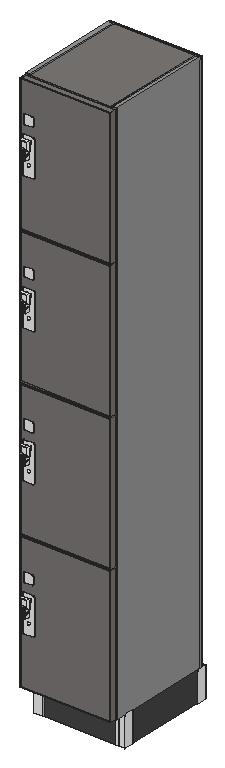
Revit family "Wood_Lockers_Hasps-Salsbury_Industries-44000_Series-1_Wide_Units.rfa", category Specialty Equipment, Revit 2016 (continued)
Definition of nested family "Wood Locker Side Panels-No Slope"
  Forms (in)
    Extrusion 2, solid, material <- "Laminate Surface", visible <- "Visible"
      sketch origin (0, -0.375, 0) x (1, 0, 0) y (0, 0, 1)
        loop
          line (-7.3125, 72) -> (-7.3125, 0) -> (7.3125, 0) -> (7.3125, 72) -> (-7.3125, 72)
      from -0.031 to 0
    Extrusion 3, solid, material <- "Laminate Surface", visible <- "Visible"
      sketch origin (0, 0, 0) x (1, 0, 0) y (0, 0, 1)
        loop
          line (-7.3125, 0) -> (7.3125, 0) -> (7.3125, 72) -> (-7.3125, 72) -> (-7.3125, 0)
        loop
          line (-7.2815, 0.031) -> (7.2815, 0.031) -> (7.2815, 71.969) -> (-7.2815, 71.969) -> (-7.2815, 0.031)
      from -0.375 to 0.344
  Dimensions and locks (in)
    equal spacing: plane 6 "Left Side", plane 3 "Center (Left/Right)", plane 7 "Right Side"
    plane 5 "Front" to plane 1 "Center (Front/Back)" to plane 4 "Back" = 0.375", 0.375"
    "Width": plane 6 "Left Side" to plane 7 "Right Side"
    "Depth": plane 5 "Front" to plane 4 "Back"
    equal spacing: plane 9 "Top", plane 10 "Center Elevation", plane 8 "Bottom"
    "Height": plane 9 "Top" to plane 8 "Bottom"
    locked: plane 5 "Front" to plane 11 "Wood - Laminate Edge" at 0.031
    locked: plane 15 "Bottom of Wood" to plane 8 "Bottom" at 0.031
    locked: plane 12 "Right Side of Wood" to plane 7 "Right Side" at 0.031
    locked: plane 6 "Left Side" to plane 13 "Left Side of Wood" at 0.031
    locked: plane 9 "Top" to plane 14 "Top of Wood" at 0.031
    aligned and locked: level to plane 2
    aligned and locked: Extrusion 2 sketch curve to plane 7 "Right Side"
    aligned and locked: plane 8 "Bottom" to Extrusion 2 sketch curve
    aligned and locked: plane 6 "Left Side" to Extrusion 2 sketch curve
    aligned and locked: plane 9 "Top" to Extrusion 2 sketch curve
    aligned and locked: Extrusion 3 to plane 4 "Back"
    aligned and locked: plane 11 "Wood - Laminate Edge" to Extrusion 3
  Automatic sketch dimensions
    plane 13 "Left Side of Wood" to Extrusion 1 sketch curve = 0.000"
    plane 12 "Right Side of Wood" to Extrusion 1 sketch curve = 0.000"
    Extrusion 1 sketch curve to plane 15 "Bottom of Wood" = 0.000"
    Extrusion 1 sketch curve to plane 14 "Top of Wood" = 0.000"
    plane 13 "Left Side of Wood" to Extrusion 3 sketch curve = 0.000"
    Extrusion 3 sketch curve to level = 0.000"
    plane 13 "Left Side of Wood" to Extrusion 3 sketch curve = 0.031"
    plane 12 "Right Side of Wood" to Extrusion 3 sketch curve = 0.000"
    plane 7 "Right Side" to Extrusion 3 sketch curve = 0.000"
    Extrusion 3 sketch curve to plane 15 "Bottom of Wood" = 0.000"
    Extrusion 3 sketch curve to plane 14 "Top of Wood" = 0.000"
    Extrusion 3 sketch curve to plane 9 "Top" = 0.000"
Definition of nested family "Wood Locker Side Panels-With Slope"
  Parameters (values of type "44334 - 6' H  for 18" D Lockers")
    Width = 17.625"
    Visible = yes
    Version = "1.0 (12/15/23)"
    Type Comments = "Side Panel for Premier Wood Lockers with Sloping Hood"
    Slope Height = 6.806"
    Model = "44334"
    Manufacturer = "Salsbury Industries"
    Laminate Surface = none
    Height = 72.062"
    Door Trim = none
    Description = "6' H for 18\" D Lockers"
    Depth = 0.750"
  Types (6): name | Width | Visible | Version | Type Comments | Slope Height | Model | Manufacturer | Height | Description
    (no name) | 17.625" | yes | "1.0 (12/15/23)" | "Side Panel for Premier Wood Lockers with Sloping Hood" | 6.806" | "44334" | "Salsbury Industries" | 72.062" | "6' H for 18\" D Lockers"
    44334 - 6' H  for 18" D Lockers | 17.625" | yes | "1.0 (12/15/23)" | "Side Panel for Premier Wood Lockers with Sloping Hood" | 6.806" | "44334" | "Salsbury Industries" | 72.062" | "6' H for 18\" D Lockers"
    44336 - 6' H for 21" D Lockers | 20.625" | yes | "1.0 (12/15/23)" | "Side Panel for Premier Wood Lockers with Sloping Hood" | 7.931" | "44336" | "Salsbury Industries" | 72.062" | "6' H for 21\" D Lockers"
    None | 14.625" | no | "" | "" | 5.681" | "" | "" | 72.062" | ""
    44339 - 6' H for 15" D Lockers | 14.625" | yes | "1.0 (12/15/23)" | "Side Panel for Premier Wood Lockers with Sloping Hood" | 5.681" | "44339" | "Salsbury Industries" | 72.062" | "6' H for 15\" D Lockers"
    44238- 6' H for 24" D Lockers | 23.625" | yes | "1.0 (12/15/23)" | "Side Panel for Premier Wood Lockers with Sloping Hood" | 8.608" | "44238" | "Salsbury Industries" | 72.153" | "6' H for 24\" D Lockers"
  Reference planes (in)
    plane 1 "Center (Front/Back)": y = 0
    plane 2: z = 0
    plane 3 "Center (Left/Right)": x = 0
    plane 4 "Back": y = 0.375
    plane 5 "Front": y = -0.375
    plane 6 "Left Side": x = -8.8125
    plane 7 "Right Side": x = 8.8125
    plane 8 "Bottom": z = 0
    plane 9 "Top": z = 72.062
    plane 10 "Center Elevation": z = 36.031
    plane 11 "Wood - Laminate Edge": y = -0.344
    plane 12 "Right Side of Wood": x = 8.7815
    plane 13 "Left Side of Wood": x = -8.7815
    plane 14 "Top of Wood": z = 71.937
    plane 15 "Bottom of Wood": z = 0.031
    plane 16: z = 78.868
    plane 17: z = 78.743
  Forms (in)
    Extrusion 1, solid, visible <- "Visible"
      sketch origin (0, 0.375, 0) x (1, 0, 0) y (0, 0, 1)
        loop
          line (-8.8125, 78.837) -> (-8.8125, 0) -> (8.7815, 0) -> (8.7815, 72.04287) -> (-8.8125, 78.837)
      from 0 to 0.719
    Extrusion 2, solid, material <- "Laminate Surface", visible <- "Visible"
      sketch origin (0, -0.375, 0) x (1, 0, 0) y (0, 0, 1)
        loop
          line (-8.8125, 0) -> (8.8125, 0) -> (8.8125, 72.062) -> (-8.8125, 78.868) -> (-8.8125, 0)
      from -0.031 to 0
    Extrusion 3, solid, material <- "Laminate Surface", visible <- "Visible"
      sketch origin (0, -0.375, 0) x (1, 0, 0) y (0, 0, 1)
        loop
          line (8.8125, 0) -> (8.8125, 72.062) -> (-8.8125, 78.868) -> (-8.8125, 78.837) -> (8.7815, 72.04287) -> (8.7815, 0) -> (8.8125, 0)
      from -0.031 to -0.75
  Dimensions and locks (in)
    equal spacing: plane 6 "Left Side", plane 3 "Center (Left/Right)", plane 7 "Right Side"
    plane 5 "Front" to plane 1 "Center (Front/Back)" to plane 4 "Back" = 0.375", 0.375"
    "Width": plane 6 "Left Side" to plane 7 "Right Side"
    "Depth": plane 5 "Front" to plane 4 "Back"
    equal spacing: plane 9 "Top", plane 10 "Center Elevation", plane 8 "Bottom"
    "Height": plane 9 "Top" to plane 8 "Bottom"
    locked: plane 5 "Front" to plane 11 "Wood - Laminate Edge" at 0.031
    locked: plane 15 "Bottom of Wood" to plane 8 "Bottom" at 0.031
    locked: plane 12 "Right Side of Wood" to plane 7 "Right Side" at 0.031
    locked: plane 6 "Left Side" to plane 13 "Left Side of Wood" at 0.031
    locked: plane 9 "Top" to plane 14 "Top of Wood" at 0.125
    "Slope Height": plane 16 to plane 9 "Top"
    locked: plane 16 to plane 17 at 0.125
    aligned and locked: level to plane 2
    aligned and locked: Extrusion 3 to plane 4 "Back"
    aligned and locked: plane 11 "Wood - Laminate Edge" to Extrusion 3
  Automatic sketch dimensions
    plane 6 "Left Side" to Extrusion 2 sketch curve = 0.000"
    plane 7 "Right Side" to Extrusion 2 sketch curve = 0.000"
    Extrusion 2 sketch curve to level = 0.000"
    Extrusion 2 sketch curve to plane 9 "Top" = 0.000"
    Extrusion 2 sketch curve to plane 16 = 0.000"
    Extrusion 1 sketch curve to level = 0.000"
    plane 6 "Left Side" to Extrusion 1 sketch curve = 0.000"
    plane 12 "Right Side of Wood" to Extrusion 1 sketch curve = 0.000"
    plane 9 "Top" to Extrusion 1 sketch curve = 0.01913"
    plane 6 "Left Side" to Extrusion 3 sketch curve = 0.000"
    plane 12 "Right Side of Wood" to Extrusion 3 sketch curve = 0.000"
    plane 7 "Right Side" to Extrusion 3 sketch curve = 0.000"
    Extrusion 3 sketch curve to level = 0.000"
    Extrusion 3 sketch curve to plane 9 "Top" = 0.000"
    Extrusion 3 sketch curve to plane 16 = 0.000"
    plane 9 "Top" to Extrusion 3 sketch curve = 0.01913"
    plane 16 to Extrusion 3 sketch curve = 0.031"
    plane 16 to Extrusion 1 sketch curve = 0.031"
Definition of nested family "Wood Locker Double Side Panels-No Slope"
  Parameters (values of type "44330DE - 6' H for 15"D Lockers")
    Width = 29.250"
    Visible = yes
    Version = "1.0 (12/15/23)"
    Type Comments = "Double End Panel for Premier Wood Lockers"
    Model = "44330DE"
    Manufacturer = "Salsbury Industries"
    Laminate Surface = none
    Height = 72.000"
    Door Trim = none
    Description = "For 6' H x 15\" D without Sloping Hood"
    Depth = 0.750"
  Types (6): name | Width | Visible | Version | Type Comments | Model | Manufacturer | Description
    (no name) | 29.250" | yes | "1.0 (12/15/23)" | "Double End Panel for Premier Wood Lockers" | "44330DE" | "Salsbury Industries" | "For 6' H x 15\" D without Sloping Hood"
    44330DE - 6' H for 15"D Lockers | 29.250" | yes | "1.0 (12/15/23)" | "Double End Panel for Premier Wood Lockers" | "44330DE" | "Salsbury Industries" | "For 6' H x 15\" D without Sloping Hood"
    44333DE - 6' H for 18" D Lockers | 35.250" | yes | "1.0 (12/15/23)" | "Double End Panel for Premier Wood Lockers" | "44333DE" | "Salsbury Industries" | "For 6' H x 18\" D without Sloping Hood"
    44335DE - 6' H for 21" D Lockers | 41.250" | yes | "1.0 (12/15/23)" | "Double End Panel for Premier Wood Lockers" | "44335DE" | "Salsbury Industries" | "For 6' H x 21\" D without Sloping Hood"
    None | 14.000" | no | "" | "" | "" | "" | ""
    44237DE - 6' H for 24" D Lockers | 47.250" | yes | "1.0 (12/15/23)" | "Double End Panel for Premier Wood Lockers" | "44237DE" | "Salsbury Industries" | "For 6' H x 21\" D without Sloping Hood"
  Reference planes (in)
    plane 1 "Center (Front/Back)": y = 0
    plane 2: z = 0
    plane 3 "Center (Left/Right)": x = 0
    plane 4 "Back": y = 0.375
    plane 5 "Front": y = -0.375
    plane 6 "Left Side": x = -14.625
    plane 7 "Right Side": x = 14.625
    plane 8 "Bottom": z = 0
    plane 9 "Top": z = 72
    plane 10 "Center Elevation": z = 36
    plane 11 "Wood - Laminate Edge": y = -0.344
    plane 12 "Right Side of Wood": x = 14.594
    plane 13 "Left Side of Wood": x = -14.594
    plane 14 "Top of Wood": z = 71.969
    plane 15 "Bottom of Wood": z = 0.031
  Forms (in)
    Extrusion 1, solid, visible <- "Visible"
      sketch origin (0, 0.375, 0) x (1, 0, 0) y (0, 0, 1)
        loop
          line (14.594, 71.969) -> (-14.594, 71.969) -> (-14.594, 0.031) -> (14.594, 0.031) -> (14.594, 71.969)
      from 0 to 0.719
    Extrusion 2, solid, material <- "Laminate Surface", visible <- "Visible"
      sketch origin (0, -0.375, 0) x (1, 0, 0) y (0, 0, 1)
        loop
          line (-14.625, 72) -> (-14.625, 0) -> (14.625, 0) -> (14.625, 72) -> (-14.625, 72)
      from -0.031 to 0
    Extrusion 3, solid, material <- "Laminate Surface", visible <- "Visible"
      sketch origin (0, 0, 0) x (1, 0, 0) y (0, 0, 1)
        loop
          line (-14.625, 0) -> (14.625, 0) -> (14.625, 72) -> (-14.625, 72) -> (-14.625, 0)
        loop
          line (14.594, 71.969) -> (-14.594, 71.969) -> (-14.594, 0.031) -> (14.594, 0.031) -> (14.594, 71.969)
      from -0.375 to 0.344
  Dimensions and locks (in)
    equal spacing: plane 6 "Left Side", plane 3 "Center (Left/Right)", plane 7 "Right Side"
    plane 5 "Front" to plane 1 "Center (Front/Back)" to plane 4 "Back" = 0.375", 0.375"
    "Width": plane 6 "Left Side" to plane 7 "Right Side"
    "Depth": plane 5 "Front" to plane 4 "Back"
    equal spacing: plane 9 "Top", plane 10 "Center Elevation", plane 8 "Bottom"
    "Height": plane 9 "Top" to plane 8 "Bottom"
    locked: plane 5 "Front" to plane 11 "Wood - Laminate Edge" at 0.031
    locked: plane 15 "Bottom of Wood" to plane 8 "Bottom" at 0.031
    plane 12 "Right Side of Wood" to plane 7 "Right Side" = 0.031"
    locked: plane 6 "Left Side" to plane 13 "Left Side of Wood" at 0.031
    locked: plane 9 "Top" to plane 14 "Top of Wood" at 0.031
    aligned and locked: level to plane 2
    aligned and locked: plane 8 "Bottom" to Extrusion 2 sketch curve
    aligned and locked: plane 6 "Left Side" to Extrusion 2 sketch curve
    aligned and locked: Extrusion 2 sketch curve to plane 7 "Right Side"
    aligned and locked: plane 9 "Top" to Extrusion 2 sketch curve
    aligned and locked: Extrusion 3 to plane 4 "Back"
    aligned and locked: plane 11 "Wood - Laminate Edge" to Extrusion 3
  Automatic sketch dimensions
    plane 13 "Left Side of Wood" to Extrusion 1 sketch curve = 0.000"
    plane 12 "Right Side of Wood" to Extrusion 1 sketch curve = 0.000"
    Extrusion 1 sketch curve to plane 15 "Bottom of Wood" = 0.000"
    Extrusion 1 sketch curve to plane 14 "Top of Wood" = 0.000"
    Extrusion 3 sketch curve to level = 0.000"
    plane 6 "Left Side" to Extrusion 3 sketch curve = 0.000"
    plane 7 "Right Side" to Extrusion 3 sketch curve = 0.000"
    Extrusion 3 sketch curve to plane 9 "Top" = 0.000"
    plane 13 "Left Side of Wood" to Extrusion 3 sketch curve = 0.000"
    Extrusion 3 sketch curve to plane 15 "Bottom of Wood" = 0.000"
    Extrusion 3 sketch curve to plane 14 "Top of Wood" = 0.000"
    plane 12 "Right Side of Wood" to Extrusion 3 sketch curve = 0.000"
Definition of nested family "Wood Locker Double Side Panels-With Slope"
  Parameters (values of type "44339DE - 6' H for 15"D Lockers")
    Width = 29.250"
    Visible = yes
    Version = "1.0 (12/15/23)"
    Type Comments = "Double End Panel for Premier Wood Lockers"
    Slope Height = 5.681"
    Model = "44339DE"
    Manufacturer = "Salsbury Industries"
    Laminate Surface = none
    Height = 72.062"
    Door Trim = none
    Description = "For 6' H x 15\" D Lockers with Sloping Hood"
    Depth = 0.750"
  Types (6): name | Width | Visible | Version | Type Comments | Slope Height | Model | Manufacturer | Height | Description
    (no name) | 29.250" | yes | "1.0 (12/15/23)" | "Double End Panel for Premier Wood Lockers" | 5.681" | "44339DE" | "Salsbury Industries" | 72.062" | "For 6' H x 15\" D Lockers with Sloping Hood"
    44339DE - 6' H for 15"D Lockers | 29.250" | yes | "1.0 (12/15/23)" | "Double End Panel for Premier Wood Lockers" | 5.681" | "44339DE" | "Salsbury Industries" | 72.062" | "For 6' H x 15\" D Lockers with Sloping Hood"
    44334DE - 6' H  for 18" D Lockers | 35.250" | yes | "1.0 (12/15/23)" | "Double End Panel for Premier Wood Lockers" | 6.806" | "44334DE" | "Salsbury Industries" | 72.062" | "For 6' H x 18\" D Lockers with Sloping Hood"
    44336DE - 6' H for 21" D Lockers | 41.250" | yes | "1.0 (12/15/23)" | "Double End Panel for Premier Wood Lockers" | 7.931" | "44336DE" | "Salsbury Industries" | 72.062" | "For 6' H x 21\" D Lockers with Sloping Hood"
    None | 14.000" | no | "" | "" | 5.500" | "" | "" | 72.000" | ""
    44238DE - 6' H for 24" D Lockers | 47.250" | yes | "1.0 (12/15/23)" | "Double End Panel for Premier Wood Lockers" | 8.895" | "442386DE" | "Salsbury Industries" | 72.153" | "For 6' H x 21\" D Lockers with Sloping Hood"
  Reference planes (in)
    plane 1 "Center (Front/Back)": y = 0
    plane 2: z = 0
    plane 3 "Center (Left/Right)": x = 0
    plane 4 "Back": y = 0.375
    plane 5 "Front": y = -0.375
    plane 6 "Left Side": x = -14.625
    plane 7 "Right Side": x = 14.625
    plane 8 "Bottom": z = 0
    plane 9 "Top": z = 72.062
    plane 10 "Center Elevation": z = 36.031
    plane 11 "Wood - Laminate Edge": y = -0.344
    plane 12 "Right Side of Wood": x = 14.594
    plane 13 "Left Side of Wood": x = -14.594
    plane 14 "Top of Wood": z = 71.937
    plane 15 "Bottom of Wood": z = 0.125
    plane 16: z = 77.743
    plane 17: z = 77.712
  Forms (in)
    Extrusion 1, solid, visible <- "Visible"
      sketch origin (0, 0.375, 0) x (1, 0, 0) y (0, 0, 1)
        loop
          line (14.594, 72.031) -> (0, 77.712) -> (-14.594, 72.031) -> (-14.594, 0) -> (14.594, 0) -> (14.594, 72.031)
      from 0 to 0.719
    Extrusion 2, solid, material <- "Laminate Surface", visible <- "Visible"
      sketch origin (0, -0.375, 0) x (1, 0, 0) y (0, 0, 1)
        loop
          line (14.625, 0) -> (14.625, 72.062) -> (0, 77.743) -> (-14.625, 72.062) -> (-14.625, 0) -> (14.625, 0)
      from -0.031 to 0
    Extrusion 3, solid, material <- "Laminate Surface", visible <- "Visible"
      sketch origin (0, 0.375, 0) x (1, 0, 0) y (0, 0, 1)
        loop
          line (14.625, 0) -> (14.625, 72.062) -> (0, 77.743) -> (-14.625, 72.062) -> (-14.625, 0) -> (-14.594, 0) -> (-14.594, 72.031) -> (0, 77.712) -> (14.594, 72.031) -> (14.594, 0) -> (14.625, 0)
      from 0 to 0.719
  Dimensions and locks (in)
    equal spacing: plane 6 "Left Side", plane 3 "Center (Left/Right)", plane 7 "Right Side"
    plane 5 "Front" to plane 1 "Center (Front/Back)" to plane 4 "Back" = 0.375", 0.375"
    "Width": plane 6 "Left Side" to plane 7 "Right Side"
    "Depth": plane 5 "Front" to plane 4 "Back"
    equal spacing: plane 9 "Top", plane 10 "Center Elevation", plane 8 "Bottom"
    "Height": plane 9 "Top" to plane 8 "Bottom"
    locked: plane 5 "Front" to plane 11 "Wood - Laminate Edge" at 0.031
    locked: plane 15 "Bottom of Wood" to plane 8 "Bottom" at 0.125
    locked: plane 12 "Right Side of Wood" to plane 7 "Right Side" at 0.031
    locked: plane 6 "Left Side" to plane 13 "Left Side of Wood" at 0.031
    locked: plane 9 "Top" to plane 14 "Top of Wood" at 0.125
    "Slope Height": plane 16 to plane 9 "Top"
    locked: plane 16 to plane 17 at 0.031
    aligned and locked: level to plane 2
    aligned and locked: Extrusion 3 to plane 4 "Back"
    aligned and locked: plane 11 "Wood - Laminate Edge" to Extrusion 3
  Automatic sketch dimensions
    plane 6 "Left Side" to Extrusion 2 sketch curve = 0.000"
    Extrusion 2 sketch curve to plane 3 "Center (Left/Right)" = 0.000"
    plane 7 "Right Side" to Extrusion 2 sketch curve = 0.000"
    Extrusion 2 sketch curve to level = 0.000"
    Extrusion 2 sketch curve to plane 9 "Top" = 0.000"  (x2)
    Extrusion 2 sketch curve to plane 16 = 0.000"
    Extrusion 1 sketch curve to level = 0.000"
    plane 13 "Left Side of Wood" to Extrusion 1 sketch curve = 0.000"
    Extrusion 1 sketch curve to plane 3 "Center (Left/Right)" = 0.000"
    plane 12 "Right Side of Wood" to Extrusion 1 sketch curve = 0.000"
    Extrusion 1 sketch curve to plane 17 = 0.000"
    plane 9 "Top" to Extrusion 1 sketch curve = 0.031"  (x2)
    Extrusion 3 sketch curve to level = 0.000"  (x2)
    plane 6 "Left Side" to Extrusion 3 sketch curve = 0.000"
    plane 13 "Left Side of Wood" to Extrusion 3 sketch curve = 0.000"
    Extrusion 3 sketch curve to plane 3 "Center (Left/Right)" = 0.000"  (x2)
    plane 12 "Right Side of Wood" to Extrusion 3 sketch curve = 0.000"
    plane 7 "Right Side" to Extrusion 3 sketch curve = 0.000"
    Extrusion 3 sketch curve to plane 9 "Top" = 0.000"  (x2)
    plane 9 "Top" to Extrusion 3 sketch curve = 0.031"  (x2)
    Extrusion 3 sketch curve to plane 17 = 0.000"
    Extrusion 3 sketch curve to plane 16 = 0.000"
Definition of nested family "Wood Locker Front Fillers"
  Parameters (values of type "44469 - 9" W for 6' H Lockers without Base")
    Width = 9.000"
    Visible Base = no
    Visible = yes
    Version = "1.0 (1/31/24)"
    Type Comments = "Front Vertical Filler for Premier Wood Lockers"
    Model = "44469"
    Manufacturer = "Salsbury Industries"
    Laminate Surface = none
    Height = 72.000"
    Description = "For 6' H Lockers"
    Depth = 0.750"
    Base Height = 0.000"
  Types (6): name | Width | Visible Base | Visible | Version | Type Comments | Model | Manufacturer | Description | Base Height
    (no name) | 9.000" | no | yes | "1.0 (1/31/24)" | "Front Vertical Filler for Premier Wood Lockers" | "44469" | "Salsbury Industries" | "For 6' H Lockers" | 0.000"
    44467 - 15"W for 6' H Lockers with Base | 15.000" | yes | yes | "1.0 (01/31/24)" | "Front Vertical Filler for Premier Wood Lockers" | "444367" | "Salsbury Industries" | "For 6' H Lockers" | 4.000"
    None | 15.000" | no | no | "" | "" | "" | "" | "" | 4.000"
    44469 - 9" W for 6' H Lockers with Base | 9.000" | yes | yes | "1.0 (01/31/24)" | "Front Vertical Filler for Premier Wood Lockers" | "44469" | "Salsbury Industries" | "For 6' H Lockers" | 4.000"
    44467 - 15" W for 6'H Lockers without Base | 15.000" | no | yes | "1.0 (01/31/24)" | "Front Vertical Filler for Premier Wood Lockers" | "44467" | "Salsbury Industries" | "For 6' H Lockers" | 0.000"
    44469 - 9" W for 6' H Lockers without Base | 9.000" | no | yes | "1.0 (1/31/24)" | "Front Vertical Filler for Premier Wood Lockers" | "44469" | "Salsbury Industries" | "For 6' H Lockers" | 0.000"
  Reference planes (in)
    plane 1 "Center (Front/Back)": y = 0
    plane 2: z = 0
    plane 3 "Center (Left/Right)": x = 0
    plane 4 "Back": y = 0.375
    plane 5 "Front": y = -0.375
    plane 6 "Left Side": x = -4.5
    plane 7 "Right Side": x = 4.5
    plane 8 "Bottom": z = 0
    plane 9 "Top": z = 72
    plane 10 "Center Elevation": z = 36
    plane 11 "Wood - Laminate Edge": y = -0.344
    plane 12 "Right Side of Wood": x = 4.375
    plane 13 "Left Side of Wood": x = -4.375
    plane 14 "Top of Wood": z = 71.875
    plane 15 "Bottom of Wood": z = 0.125
    plane 16 "Front of Base Filler": y = 1
  Forms (in)
    Extrusion 1, solid, visible <- "Visible"
      sketch origin (0, 0.375, 0) x (1, 0, 0) y (0, 0, 1)
        loop
          line (4.5, 72) -> (-4.5, 72) -> (-4.5, 0) -> (4.5, 0) -> (4.5, 72)
      from 0 to 0.719
    Extrusion 2, solid, material <- "Laminate Surface", visible <- "Visible"
      sketch origin (0, -0.375, 0) x (1, 0, 0) y (0, 0, 1)
        loop
          line (-4.5, 72) -> (-4.5, 0) -> (4.5, 0) -> (4.5, 72) -> (-4.5, 72)
      from -0.031 to 0
    Extrusion 3, solid, visible <- "Visible Base"
      sketch origin (0, 0, 0) x (1, 0, 0) y (0, 1, 0)
        loop
          line (-4.5, 1.75) -> (-4.5, 0.375) -> (4.5, 0.375) -> (4.5, 1.75) -> (-4.5, 1.75)
      from 0 to 0.75
    Extrusion 4, solid, visible <- "Visible Base"
      sketch origin (0, 0, 0) x (1, 0, 0) y (0, 1, 0)
        loop
          line (-4.5, 1.75) -> (-4.5, 1) -> (4.5, 1) -> (4.5, 1.75) -> (-4.5, 1.75)
      from 0 to -4
  Dimensions and locks (in)
    equal spacing: plane 6 "Left Side", plane 3 "Center (Left/Right)", plane 7 "Right Side"
    plane 5 "Front" to plane 1 "Center (Front/Back)" to plane 4 "Back" = 0.375", 0.375"
    "Width": plane 6 "Left Side" to plane 7 "Right Side"
    "Depth": plane 5 "Front" to plane 4 "Back"
    equal spacing: plane 9 "Top", plane 10 "Center Elevation", plane 8 "Bottom"
    locked: plane 5 "Front" to plane 11 "Wood - Laminate Edge" at 0.031
    locked: plane 15 "Bottom of Wood" to plane 8 "Bottom" at 0.125
    locked: plane 12 "Right Side of Wood" to plane 7 "Right Side" at 0.125
    locked: plane 6 "Left Side" to plane 13 "Left Side of Wood" at 0.125
    locked: plane 9 "Top" to plane 14 "Top of Wood" at 0.125
    locked: plane 5 "Front" to plane 16 "Front of Base Filler" at 1.375
    "Base Height": plane 8 "Bottom" to plane 2
    "Height": plane 9 "Top" to plane 8 "Bottom"
    aligned and locked: level to plane 2
    aligned and locked: plane 8 "Bottom" to Extrusion 1
  Automatic sketch dimensions
    plane 6 "Left Side" to Extrusion 1 sketch curve = 0.000"
    plane 7 "Right Side" to Extrusion 1 sketch curve = 0.000"
    level to Extrusion 1 sketch curve = 0.000"
    Extrusion 1 sketch curve to plane 9 "Top" = 0.000"
    plane 6 "Left Side" to Extrusion 2 sketch curve = 0.000"
    plane 7 "Right Side" to Extrusion 2 sketch curve = 0.000"
    plane 15 "Bottom of Wood" to Extrusion 2 sketch curve = 0.125"
    Extrusion 2 sketch curve to plane 9 "Top" = 0.000"
    plane 4 "Back" to Extrusion 3 sketch curve = 0.000"
    Extrusion 3 sketch curve to plane 6 "Left Side" = 0.000"
    Extrusion 3 sketch curve to plane 7 "Right Side" = 0.000"
    Extrusion 3 sketch curve to plane 16 "Front of Base Filler" = 0.750"
    Extrusion 4 sketch curve to plane 6 "Left Side" = 0.000"
    Extrusion 4 sketch curve to plane 7 "Right Side" = 0.000"
    plane 16 "Front of Base Filler" to Extrusion 4 sketch curve = 0.000"
    Extrusion 4 sketch curve to plane 16 "Front of Base Filler" = 0.750"
Definition of nested family "Wood Locker Front Corner Filler"
  Parameters (values of type "44464 - for 6' H Lockers with Base")
    Width = 2.250"
    Visible Base = yes
    Visible = yes
    Version = "1.0 (12/15/23)"
    Type Comments = "Front Vertical Corner Filler for Designer Wood Lockers"
    Primary Structure Materials = none
    Model = "44464"
    Manufacturer = "Salsbury Industries"
    Laminate Surface = none
    Height = 72.000"
    Description = "For 6' H Lockers"
    Depth = 0.750"
    Base Primary Materials = none
    Base Height = 4.000"
  Types (3): name | Visible Base | Visible | Version | Type Comments | Model | Manufacturer | Description | Base Height
    None | no | no | "" | "" | "" | "" | "" | 4.000"
    44464 - for 6'H Lockers without Base | no | yes | "1.0 (12/15/23)" | "Front Vertical Corner Filler for Designer Wood Lockers" | "44464" | "Salsbury Industries" | "For 6' H Lockers" | 0.000"
    44464 - for 6' H Lockers with Base | yes | yes | "1.0 (12/15/23)" | "Front Vertical Corner Filler for Designer Wood Lockers" | "44464" | "Salsbury Industries" | "For 6' H Lockers" | 4.000"
  Reference planes (in)
    plane 1 "Center (Front/Back)": y = 0
    plane 2 "Bottom of Base": z = 0
    plane 3 "Center (Left/Right)": x = 0
    plane 4 "Back": y = 0.375
    plane 5 "Front": y = -0.375
    plane 6 "Left Side": x = -1.125
    plane 7 "Right Side": x = 1.125
    plane 8 "Bottom": z = 4
    plane 9 "Top": z = 76
    plane 10 "Center Elevation": z = 40
    plane 11 "Wood - Laminate Edge": y = -0.344
    plane 12 "Right Side of Wood": x = 1
    plane 13 "Left Side of Wood": x = -1
    plane 14 "Top of Wood": z = 75.875
    plane 15 "Bottom of Wood": z = 4.125
    plane 16 "Front of Base Filler": y = 1
  Forms (in)
    Extrusion 1, solid, material <- "Primary Structure Materials", visible <- "Visible"
      sketch origin (0, 0.375, 0) x (1, 0, 0) y (0, 0, 1)
        loop
          line (1.125, 76) -> (-1.156, 76) -> (-1.156, 4) -> (1.125, 4) -> (1.125, 76)
      from 0 to 0.719
    Extrusion 2, solid, material <- "Laminate Surface", visible <- "Visible"
      sketch origin (0, -0.375, 0) x (1, 0, 0) y (0, 0, 1)
        loop
          line (-1.125, 76) -> (-1.125, 4) -> (1.125, 4) -> (1.125, 76) -> (-1.125, 76)
      from -0.031 to 0
    Extrusion 3, solid, material <- "Primary Structure Materials", visible <- "Visible"
      sketch origin (-1.875, -1.5, 0) x (0, 1, 0) y (0, 0, 1)
        loop
          line (1.875, 76) -> (-1.125, 76) -> (-1.125, 4) -> (1.875, 4) -> (1.875, 76)
      from 0 to 0.719
    Extrusion 4, solid, material <- "Laminate Surface", visible <- "Visible"
      sketch origin (-1.125, -1.5, 0) x (0, 1, 0) y (0, 0, 1)
        loop
          line (-1.125, 76) -> (-1.125, 4) -> (1.156, 4) -> (1.156, 76) -> (-1.125, 76)
      from -0.031 to 0
    Extrusion 5, solid, material <- "Base Primary Materials", visible <- "Visible Base"
      sketch origin (0, 0, 0) x (1, 0, 0) y (0, 1, 0)
        loop
          line (-3.25, 1.75) -> (-3.25, -2.625) -> (-1.875, -2.625) -> (-1.875, 1.75) -> (-3.25, 1.75)
      from 4 to 4.75
    Extrusion 6, solid, material <- "Base Primary Materials", visible <- "Visible Base"
      sketch origin (0, 0, 0) x (1, 0, 0) y (0, 1, 0)
        loop
          line (-1.875, 1.75) -> (-1.875, 0.375) -> (1.125, 0.375) -> (1.125, 1.75) -> (-1.875, 1.75)
      from 4 to 4.75
    Extrusion 7, solid, material <- "Base Primary Materials", visible <- "Visible Base"
      sketch origin (0, 0, 0) x (1, 0, 0) y (0, 1, 0)
        loop
          line (1.125, 1.75) -> (-2.43407, 1.75) -> (-2.43407, 1) -> (1.125, 1) -> (1.125, 1.75)
      from 0 to 4
    Extrusion 8, solid, material <- "Base Primary Materials", visible <- "Visible Base"
      sketch origin (0, 0, 0) x (1, 0, 0) y (0, 1, 0)
        loop
          line (-3.25, 1.75) -> (-3.25, -2.625) -> (-2.43407, -2.625) -> (-2.43407, 1.75) -> (-3.25, 1.75)
      from 0 to 4
  Dimensions and locks (in)
    equal spacing: plane 6 "Left Side", plane 3 "Center (Left/Right)", plane 7 "Right Side"
    plane 5 "Front" to plane 1 "Center (Front/Back)" to plane 4 "Back" = 0.375", 0.375"
    "Width": plane 6 "Left Side" to plane 7 "Right Side"
    "Depth": plane 5 "Front" to plane 4 "Back"
    equal spacing: plane 9 "Top", plane 10 "Center Elevation", plane 8 "Bottom"
    "Height": plane 9 "Top" to plane 8 "Bottom"
    locked: plane 5 "Front" to plane 11 "Wood - Laminate Edge" at 0.031
    locked: plane 15 "Bottom of Wood" to plane 8 "Bottom" at 0.125
    locked: plane 12 "Right Side of Wood" to plane 7 "Right Side" at 0.125
    locked: plane 6 "Left Side" to plane 13 "Left Side of Wood" at 0.125
    locked: plane 9 "Top" to plane 14 "Top of Wood" at 0.125
    locked: plane 5 "Front" to plane 16 "Front of Base Filler" at 1.375
    "Base Height": plane 8 "Bottom" to plane 2 "Bottom of Base"
    aligned and locked: level to plane 2 "Bottom of Base"
    aligned and locked: plane 8 "Bottom" to Extrusion 1
    aligned and locked: Extrusion 7 to Extrusion 5
    aligned and locked: Extrusion 8 to Extrusion 5
    aligned and locked: Extrusion 7 to Extrusion 8
  Automatic sketch dimensions
    Extrusion 1 sketch curve to plane 9 "Top" = 0.000"
    Extrusion 1 sketch curve to plane 8 "Bottom" = 0.000"
    plane 7 "Right Side" to Extrusion 1 sketch curve = 0.000"
    plane 6 "Left Side" to Extrusion 1 sketch curve = 0.031"
    plane 6 "Left Side" to Extrusion 2 sketch curve = 0.000"
    plane 7 "Right Side" to Extrusion 2 sketch curve = 0.000"
    Extrusion 2 sketch curve to plane 8 "Bottom" = 0.000"
    Extrusion 2 sketch curve to plane 9 "Top" = 0.000"
    plane 9 "Top" to Extrusion 3 sketch curve = 0.000"
    plane 8 "Bottom" to Extrusion 3 sketch curve = 0.000"
    Extrusion 3 sketch curve to plane 4 "Back" = 0.000"
    plane 5 "Front" to Extrusion 3 sketch curve = 2.250"
    plane 8 "Bottom" to Extrusion 4 sketch curve = 0.000"
    plane 9 "Top" to Extrusion 4 sketch curve = 0.000"
    Extrusion 4 sketch curve to plane 11 "Wood - Laminate Edge" = 0.000"
    plane 5 "Front" to Extrusion 4 sketch curve = 2.250"
    plane 6 "Left Side" to Extrusion 5 sketch curve = 2.125"
    plane 6 "Left Side" to Extrusion 5 sketch curve = 0.750"
    plane 5 "Front" to Extrusion 5 sketch curve = 2.250"
    Extrusion 5 sketch curve to plane 16 "Front of Base Filler" = 0.750"
    plane 16 "Front of Base Filler" to Extrusion 7 sketch curve = 0.000"
    Extrusion 7 sketch curve to plane 7 "Right Side" = 0.000"
    plane 6 "Left Side" to Extrusion 7 sketch curve = 1.30907"
    Extrusion 7 sketch curve to plane 16 "Front of Base Filler" = 0.750"
    plane 6 "Left Side" to Extrusion 8 sketch curve = 2.125"
    Extrusion 8 sketch curve to Extrusion 8 sketch curve = 0.81593"
    plane 5 "Front" to Extrusion 8 sketch curve = 2.250"
    Extrusion 8 sketch curve to plane 16 "Front of Base Filler" = 0.750"
    plane 4 "Back" to Extrusion 6 sketch curve = 0.000"
    Extrusion 6 sketch curve to plane 7 "Right Side" = 0.000"
    plane 6 "Left Side" to Extrusion 6 sketch curve = 0.750"
    Extrusion 6 sketch curve to plane 16 "Front of Base Filler" = 0.750"
Definition of nested family "Wood Locker Sloping In-Line Fillers"
  Parameters (values of type "44481 - 15" W for 21" D Lockers")
    Width = 15.000"
    Visible = yes
    Version = "1.0 (12/15/23)"
    Type Comments = "Sloping Hood In-Line Filler for Premier Wood Lockers"
    Model = "44481"
    Manufacturer = "Salsbury Industries"
    Laminate Surface = none
    Height = 7.993"
    Description = "For 21\" D Lockers"
    Depth = 20.625"
  Types (10): name | Width | Visible | Version | Type Comments | Model | Manufacturer | Height | Description | Depth
    (no name) | 15.000" | yes | "1.0 (12/15/23)" | "Sloping Hood In-Line Filler for Premier Wood Lockers" | "44481" | "Salsbury Industries" | 7.993" | "For 21\" D Lockers" | 20.625"
    44487 - 15" W for 15" D Lockers | 15.000" | yes | "1.0 (12/15/23)" | "Sloping Hood In-Line Filler for Premier Wood Lockers" | "44487" | "Salsbury Industries" | 5.743" | "For 15\" D Lockers" | 14.625"
    44488 - 15" W for 18" D Lockers | 15.000" | yes | "1.0 (12/15/23)" | "Sloping Hood In-Line Filler for Premier Wood Lockers" | "44488" | "Salsbury Industries" | 6.868" | "For 18\" D Lockers" | 17.625"
    44481 - 15" W for 21" D Lockers | 15.000" | yes | "1.0 (12/15/23)" | "Sloping Hood In-Line Filler for Premier Wood Lockers" | "44481" | "Salsbury Industries" | 7.993" | "For 21\" D Lockers" | 20.625"
    None | 12.000" | no | "" | "" | "" | "" | 5.500" | "" | 14.000"
    44489 - 15" W for 24" D Lockers | 15.000" | yes | "1.0 (12/15/23)" | "Sloping Hood In-Line Filler for Premier Wood Lockers" | "44489" | "Salsbury Industries" | 8.875" | "For 24\" D Lockers" | 23.000"
    44488 - 9" W for 18" D Lockers | 9.000" | yes | "1.0 (12/15/23)" | "Sloping Hood In-Line Filler for Premier Wood Lockers" | "44488" | "Salsbury Industries" | 6.868" | "For 18\" D Lockers" | 17.625"
    44487 - 9" W for 15" D Lockers | 9.000" | yes | "1.0 (12/15/23)" | "Sloping Hood In-Line Filler for Premier Wood Lockers" | "44487" | "Salsbury Industries" | 5.743" | "For 15\" D Lockers" | 14.625"
    44481 - 9" W for 21" D Lockers | 9.000" | yes | "1.0 (12/15/23)" | "Sloping Hood In-Line Filler for Premier Wood Lockers" | "44481" | "Salsbury Industries" | 7.750" | "For 21\" D Lockers" | 20.000"
    44489 - 9" W for 24" D Lockers | 9.000" | yes | "1.0 (12/15/23)" | "Sloping Hood In-Line Filler for Premier Wood Lockers" | "44489" | "Salsbury Industries" | 8.875" | "For 24\" D Lockers" | 23.000"
  Reference planes (in)
    plane 1 "Center (Front/Back)": y = 0
    plane 2: z = 0
    plane 3 "Center (Left/Right)": x = 0
    plane 4 "Front of Hood": y = -10.3125
    plane 5 "Back of Hood": y = 10.3125
    plane 6 "Right Side of Hood": x = 7.5
    plane 7 "Left Side of Hood": x = -7.5
    plane 8 "Bottom of Hood": z = 0
    plane 9 "Top of Hood": z = 7.993
    plane 10: x = 6.75
    plane 11: x = -6.75
    plane 12: y = -10.2815
    plane 13: y = -9.5625
    plane 14: z = 7.962
    plane 15: z = 7.243
    plane 16: z = 0.062
    plane 17: z = 0.75
  Forms (in)
    Extrusion 1, solid, visible <- "Visible"
      sketch origin (0, 0, 0) x (0, 1, 0) y (0, 0, 1)
        loop
          line (-8.47273, 0) -> (10.3125, 7.243) -> (10.3125, 7.962) -> (-10.23269, 0.062) -> (-10.2815, 0.062) -> (-10.2815, 0) -> (-8.47273, 0)
      from -7.5 to 7.5
    Extrusion 2, solid, material <- "Laminate Surface", visible <- "Visible"
      sketch origin (0, 0, 0) x (0, 1, 0) y (0, 0, 1)
        loop
          line (-10.3125, 0.062) -> (-10.3125, 0) -> (-10.2815, 0) -> (-10.2815, 0.062) -> (-10.3125, 0.062)
      from -7.5 to 7.5
    Extrusion 3, solid, material <- "Laminate Surface", visible <- "Visible"
      sketch origin (0, 0, 0) x (0, 1, 0) y (0, 0, 1)
        loop
          line (10.3125, 7.993) -> (-10.3125, 0.062) -> (-10.23269, 0.062) -> (10.3125, 7.962) -> (10.3125, 7.993)
      from -7.5 to 7.5
  Dimensions and locks (in)
    equal spacing: plane 7 "Left Side of Hood", plane 3 "Center (Left/Right)", plane 6 "Right Side of Hood"
    "Width": plane 7 "Left Side of Hood" to plane 6 "Right Side of Hood"
    equal spacing: plane 4 "Front of Hood", plane 1 "Center (Front/Back)", plane 5 "Back of Hood"
    "Depth": plane 4 "Front of Hood" to plane 5 "Back of Hood"
    "Height": plane 9 "Top of Hood" to plane 8 "Bottom of Hood"
    plane 7 "Left Side of Hood" to plane 11 = 0.750"
    plane 10 to plane 6 "Right Side of Hood" = 0.750"
    plane 4 "Front of Hood" to plane 12 to plane 13 = 0.031" locked, 0.719" locked
    plane 15 to plane 14 to plane 9 "Top of Hood" = 0.719" locked, 0.031" locked
    locked: plane 16 to plane 8 "Bottom of Hood" at 0.062
    locked: plane 17 to plane 8 "Bottom of Hood" at 0.75
    aligned and locked: level to plane 2
    aligned and locked: Extrusion 1 to plane 6 "Right Side of Hood"
    aligned and locked: plane 7 "Left Side of Hood" to Extrusion 1
    aligned and locked: plane 7 "Left Side of Hood" to Extrusion 3
    aligned and locked: Extrusion 3 to plane 6 "Right Side of Hood"
    aligned and locked: Extrusion 2 to plane 6 "Right Side of Hood"
    aligned and locked: plane 7 "Left Side of Hood" to Extrusion 2
  Automatic sketch dimensions
    Extrusion 2 sketch curve to level = 0.000"
    Extrusion 2 sketch curve to plane 4 "Front of Hood" = 0.000"
    Extrusion 2 sketch curve to plane 12 = 0.000"
    plane 16 to Extrusion 2 sketch curve = 0.000"
    Extrusion 3 sketch curve to plane 4 "Front of Hood" = 0.000"
    plane 16 to Extrusion 3 sketch curve = 0.000"
    Extrusion 3 sketch curve to plane 5 "Back of Hood" = 0.000"
    plane 14 to Extrusion 3 sketch curve = 0.000"
    plane 9 "Top of Hood" to Extrusion 3 sketch curve = 0.000"
    Extrusion 3 sketch curve to plane 12 = 0.04881"
    Extrusion 1 sketch curve to level = 0.000"
    Extrusion 1 sketch curve to plane 12 = 0.000"
    plane 16 to Extrusion 1 sketch curve = 0.000"
    Extrusion 1 sketch curve to plane 5 "Back of Hood" = 0.000"
    plane 15 to Extrusion 1 sketch curve = 0.000"
    plane 14 to Extrusion 1 sketch curve = 0.000"
    Extrusion 1 sketch curve to plane 13 = 1.08977"
    Extrusion 1 sketch curve to plane 12 = 0.04881"
Definition of nested family "Wood Locker Flat In-Line Fillers"
  Parameters (values of type "44447 - 15" W for 15" D Lockers")
    Width = 15.000"
    Visible = yes
    Version = "1.0 (12/15/23)"
    Type Comments = "Flat Top In-Line Filler for Premier Wood Lockers"
    Model = "44447"
    Manufacturer = "Salsbury Industries"
    Laminate Surface = none
    Height = 0.750"
    Description = "For 15\" D Lockers"
    Depth = 13.250"
  Types (10): name | Width | Visible | Version | Type Comments | Model | Manufacturer | Description | Depth
    (no name) | 15.000" | yes | "1.0 (12/15/23)" | "Flat Top In-Line Filler for Premier Wood Lockers" | "44447" | "Salsbury Industries" | "For 15\" D Lockers" | 13.250"
    44447 - 15" W for 15" D Lockers | 15.000" | yes | "1.0 (12/15/23)" | "Flat Top In-Line Filler for Premier Wood Lockers" | "44447" | "Salsbury Industries" | "For 15\" D Lockers" | 13.250"
    44448 - 15" W for 18" D Lockers | 15.000" | yes | "1.0 (12/15/23)" | "Flat Top In-Line Filler for Premier Wood Lockers" | "44448" | "Salsbury Industries" | "For 18\" D Lockers" | 16.250"
    44441 - 15" W for 21" D Lockers | 15.000" | yes | "1.0 (12/15/23)" | "Flat Top In-Line Filler for Premier Wood Lockers" | "44441" | "Salsbury Industries" | "For 21\" D Lockers" | 19.250"
    None | 15.000" | no | "" | "" | "" | "" | "" | 13.250"
    44448 - 9" W for 18" D Lockers | 9.000" | yes | "1.0 (12/15/23)" | "Flat Top In-Line Filler for Premier Wood Lockers" | "44448" | "Salsbury Industries" | "For 18\" D Lockers" | 16.250"
    44447 - 9" W for 15" D Lockers | 9.000" | yes | "1.0 (12/15/23)" | "Flat Top In-Line Filler for Premier Wood Lockers" | "44447" | "Salsbury Industries" | "For 15\" D Lockers" | 13.250"
    44441 - 9" W for 21" D Lockers | 9.000" | yes | "1.0 (12/15/23)" | "Flat Top In-Line Filler for Premier Wood Lockers" | "44441" | "Salsbury Industries" | "For 21\" D Lockers" | 19.250"
    44449 - 15" W for 24" D Lockers | 15.000" | yes | "1.0 (12/15/23)" | "Flat Top In-Line Filler for Premier Wood Lockers" | "44449" | "Salsbury Industries" | "For 24\" D Lockers" | 22.250"
    44449 - 9" W for 24" D Lockers | 9.000" | yes | "1.0 (12/15/23)" | "Flat Top In-Line Filler for Premier Wood Lockers" | "44449" | "Salsbury Industries" | "For 24\" D Lockers" | 22.250"
  Reference planes (in)
    plane 1 "Center (Front/Back)": y = 0
    plane 2: z = 0
    plane 3 "Center (Left/Right)": x = 0
    plane 4 "Right Side": x = 7.5
    plane 5 "Left Side": x = -7.5
    plane 6 "Front Side": y = -6.625
    plane 7 "Back Side": y = 6.625
    plane 8 "Bottom": z = 0
    plane 9 "Top Side": z = 0.75
    plane 10 "Wood - Laminate Line": z = 0.719
  Forms (in)
    Extrusion 1, solid, visible <- "Visible"
      sketch origin (0, 0, 0) x (0, -1, 0) y (1, 0, 0)
        loop
          line (-6.625, -7.5) -> (6.625, -7.5) -> (6.625, 7.5) -> (-6.625, 7.5) -> (-6.625, -7.5)
      from 0 to 0.719
    Extrusion 2, solid, material <- "Laminate Surface", visible <- "Visible"
      sketch origin (0, 0, 0.75) x (1, 0, 0) y (0, 1, 0)
        loop
          line (-7.5, -6.625) -> (7.5, -6.625) -> (7.5, 6.625) -> (-7.5, 6.625) -> (-7.5, -6.625)
      from -0.031 to 0
  Dimensions and locks (in)
    equal spacing: plane 6 "Front Side", plane 1 "Center (Front/Back)", plane 7 "Back Side"
    equal spacing: plane 5 "Left Side", plane 3 "Center (Left/Right)", plane 4 "Right Side"
    "Width": plane 5 "Left Side" to plane 4 "Right Side"
    "Depth": plane 6 "Front Side" to plane 7 "Back Side"
    "Height": plane 9 "Top Side" to plane 8 "Bottom"
    locked: plane 9 "Top Side" to plane 10 "Wood - Laminate Line" at 0.031
    aligned and locked: level to plane 2
  Automatic sketch dimensions
    Extrusion 1 sketch curve to plane 4 "Right Side" = 0.000"
    plane 7 "Back Side" to Extrusion 1 sketch curve = 0.000"
    Extrusion 1 sketch curve to plane 5 "Left Side" = 0.000"
    plane 6 "Front Side" to Extrusion 1 sketch curve = 0.000"
    Extrusion 2 sketch curve to plane 5 "Left Side" = 0.000"
    plane 4 "Right Side" to Extrusion 2 sketch curve = 0.000"
    plane 6 "Front Side" to Extrusion 2 sketch curve = 0.000"
    Extrusion 2 sketch curve to plane 7 "Back Side" = 0.000"
Definition of nested family "Wood Locker Fascia Fillers"
  Parameters (values of type "44462 - for 3-Wide Units")
    Width = 36.000"
    Visible = yes
    Type Comments = "Front Fascia Filler for Premier Wood Lockers"
    Model = "44462"
    Manufacturer = "Salsbury Industries"
    Laminate Surface = none
    Height = 4.000"
    Description = "4' W for Standard Designer Lockers"
    Depth = 0.750"
  Types (4): name | Width | Visible | Type Comments | Model | Manufacturer | Description
    (no name) | 36.000" | yes | "Front Fascia Filler for Premier Wood Lockers" | "44462" | "Salsbury Industries" | "4' W for Standard Designer Lockers"
    44462 - for 1-Wide Units | 12.000" | yes | "Front Fascia Filler for Premier Wood Lockers" | "44462" | "Salsbury Industries" | "4' W for Standard Designer Lockers"
    None | 12.000" | no | "" | "" | "" | ""
    44462 - for 3-Wide Units | 36.000" | yes | "Front Fascia Filler for Premier Wood Lockers" | "44462" | "Salsbury Industries" | "4' W for Standard Designer Lockers"
  Reference planes (in)
    plane 1 "Center (Front/Back)": y = 0
    plane 2: z = 0
    plane 3 "Center (Left/Right)": x = 0
    plane 4 "Back": y = 0.375
    plane 5 "Front": y = -0.375
    plane 6 "Left Side": x = -18
    plane 7 "Right Side": x = 18
    plane 8 "Bottom": z = 0
    plane 9 "Top": z = 4
    plane 10 "Center Elevation": z = 2
    plane 11 "Wood - Laminate Edge": y = -0.344
    plane 12 "Right Side of Wood": x = 17.875
    plane 13 "Left Side of Wood": x = -17.875
    plane 14 "Top of Wood": z = 3.875
    plane 15 "Bottom of Wood": z = 0.125
    plane 16 "Base Bottom": z = 0
    plane 17 "Front of Base Filler": y = 1
  Forms (in)
    Extrusion 1, solid, visible <- "Visible"
      sketch origin (0, 0.375, 0) x (1, 0, 0) y (0, 0, 1)
        loop
          line (18, 4) -> (-18, 4) -> (-18, 0) -> (18, 0) -> (18, 4)
      from 0 to 0.719
    Extrusion 2, solid, material <- "Laminate Surface", visible <- "Visible"
      sketch origin (0, -0.375, 0) x (1, 0, 0) y (0, 0, 1)
        loop
          line (-18, 4) -> (-18, 0) -> (18, 0) -> (18, 4) -> (-18, 4)
      from -0.031 to 0
  Dimensions and locks (in)
    equal spacing: plane 6 "Left Side", plane 3 "Center (Left/Right)", plane 7 "Right Side"
    plane 5 "Front" to plane 1 "Center (Front/Back)" to plane 4 "Back" = 0.375", 0.375"
    "Width": plane 6 "Left Side" to plane 7 "Right Side"
    "Depth": plane 5 "Front" to plane 4 "Back"
    equal spacing: plane 9 "Top", plane 10 "Center Elevation", plane 8 "Bottom"
    "Height": plane 9 "Top" to plane 8 "Bottom"
    locked: plane 5 "Front" to plane 11 "Wood - Laminate Edge" at 0.031
    locked: plane 15 "Bottom of Wood" to plane 8 "Bottom" at 0.125
    locked: plane 12 "Right Side of Wood" to plane 7 "Right Side" at 0.125
    locked: plane 6 "Left Side" to plane 13 "Left Side of Wood" at 0.125
    locked: plane 9 "Top" to plane 14 "Top of Wood" at 0.125
    locked: plane 5 "Front" to plane 17 "Front of Base Filler" at 1.375
    aligned and locked: level to plane 2
    aligned and locked: Extrusion 1 to plane 8 "Bottom"
  Automatic sketch dimensions
    plane 6 "Left Side" to Extrusion 1 sketch curve = 0.000"
    plane 7 "Right Side" to Extrusion 1 sketch curve = 0.000"
    level to Extrusion 1 sketch curve = 0.000"
    Extrusion 1 sketch curve to plane 9 "Top" = 0.000"
    plane 6 "Left Side" to Extrusion 2 sketch curve = 0.000"
    plane 7 "Right Side" to Extrusion 2 sketch curve = 0.000"
    plane 15 "Bottom of Wood" to Extrusion 2 sketch curve = 0.125"
    Extrusion 2 sketch curve to plane 9 "Top" = 0.000"
Types (7): name | Version | Unit Height including Sloping Hood Only | Unit Height including Base Only | Sloping Hood Height | Overall Unit Height including Base and Sloping Hood | Model | Flat Top In-Line Filler - Right Side | Description | Depth | Compartment Depth | Base Height | Base Depth | Base
  (no name) | "1.0 (01/31/24)" | 77.743" | 76.000" | 5.743" | 81.743" | "44165" | Wood Locker Flat In-Line Fillers : None | "1 Wide - 6 Feet High - 15 inches Deep - with Base" | 15.000" | 13.750" | 4.000" | 13.250" | Wood Locker Bases : Base - 12" W x 15" D Lockers
  44165 | "1.0 (01/31/24)" | 77.743" | 76.000" | 5.743" | 81.743" | "44165" | Wood Locker Flat In-Line Fillers : None | "1 Wide - 6 Feet High - 15 inches Deep - with Base" | 15.000" | 13.750" | 4.000" | 13.250" | Wood Locker Bases : Base - 12" W x 15" D Lockers
  44165 - without Base | "1.0  (01/31/24)" | 77.743" | 72.000" | 5.743" | 77.743" | "44165 without Base" | Wood Locker Flat In-Line Fillers : None | "1 Wide - 6 Feet High - 15 inches Deep - without Base" | 15.000" | 13.750" | 0.000" | 13.250" | Wood Locker Bases : None
  44168 | "1.0 (01/31/24)" | 78.868" | 76.000" | 6.868" | 82.868" | "44168" | Wood Locker Sloping In-Line Fillers : None | "1 Wide - 6 Feet High - 18 inches Deep - with Base" | 18.000" | 16.750" | 4.000" | 16.250" | Wood Locker Bases : Base - 12" W x 18" D Lockers
  44168 - without Base | "1.0 (01/31/24)" | 78.868" | 72.000" | 6.868" | 78.868" | "44168 without Base" | Wood Locker Sloping In-Line Fillers : None | "1 Wide - 6 Feet High - 18 inches Deep - without Base" | 18.000" | 16.750" | 0.000" | 16.250" | Wood Locker Bases : None
  44161 | "1.0 (01/31/24)" | 79.993" | 76.000" | 7.993" | 83.993" | "44161" | Wood Locker Sloping In-Line Fillers : None | "1 Wide - 6 Feet High - 21 inches Deep - with Base" | 21.000" | 19.750" | 4.000" | 19.250" | Wood Locker Bases : Base - 12" W x 21" D Lockers
  44161 - without Base | "1.0 (01/31/24)" | 79.993" | 72.000" | 7.993" | 79.993" | "44161 without Base" | Wood Locker Sloping In-Line Fillers : None | "1 Wide - 6 Feet High - 21 inches Deep - without Base" | 21.000" | 19.750" | 0.000" | 19.250" | Wood Locker Bases : None
